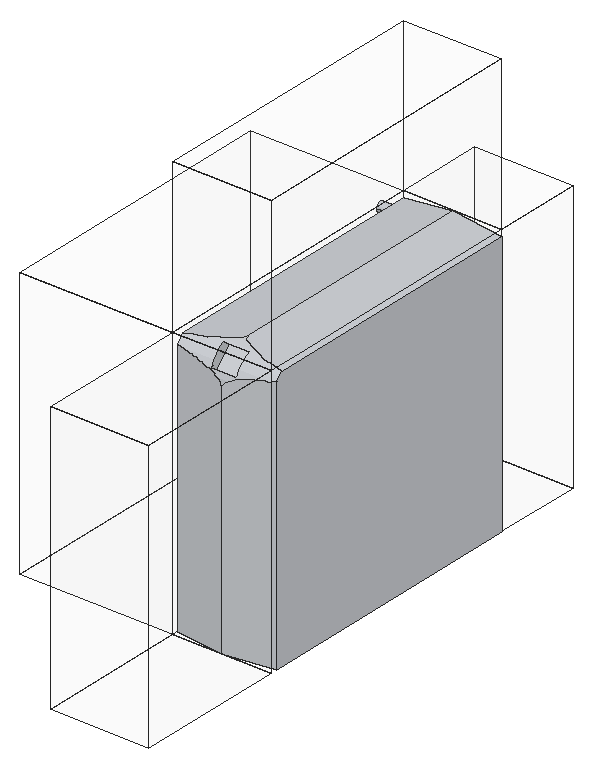
Revit family
Parameters (values of type "KBN801")
  WATER CONN SIZE = water conn radius * 2  # 2"
  SES BIM Studio # = "201264901-5"
  K_ air inlet offset = 27 3/4"
  G_ water outlet offset = 17"
  water conn radius = 1"
  water inlet offset = 3 1/2"
  D_flue length = 3 3/4"
  B_WIDTH = 15 1/2"
  Voltage/Heater = "120"
  Voltage/Control = "24"
  AIR INLET SIZE = air inlet radius * 2  # 4"
  URL = "http://www.lochinvar.com/products/Default.aspx?type=ProductLine&lineid=10"
  Total Amps = "2.7"
  Model = "KBN501"
  Manufacturer = "Lochinvar"
  MODEL NO. = "KBN801"
  gas conn radius = 1/2"
  J_gas conn offset = 3 1/4"
  I_gas conn height = 32 3/4"
  GAS CONN SIZE = gas conn radius * 2  # 1"
  GALLON CAPACITY = "5.7"
  flue radius = 3"
  VENT SIZE = flue radius * 2  # 6"
  F_ heat exchanger drain offset = 23"
  C_ DEPTH = 45 1/4"
  INPUT RATE (BTUH) = "800,000"
  A_HEIGHT = 42 1/2"
  FUEL TYPE = "NATURAL GAS"
  Description = "Knight XL Boiler"
  Fuel Type = "Natural or LP"
  E_condensate drain offset = 33 1/4"
  air inlet radius = 2"
  H_air inlet height = 36"
  # of Electrical Connections = "1"
Types (6): name | WATER CONN SIZE | K_ air inlet offset | G_ water outlet offset | water conn radius | Total Amps | Model | MODEL NO. | J_gas conn offset | I_gas conn height | GALLON CAPACITY | flue radius | VENT SIZE | F_ heat exchanger drain offset | C_ DEPTH | INPUT RATE (BTUH) | E_condensate drain offset | H_air inlet height
  (no name) | 2" | 27 3/4" | 17" | 1" | "2.7" | "KBN501" | "KBN801" | 3 1/4" | 32 3/4" | "5.7" | 3" | 6" | 23" | 45 1/4" | "800,000" | 33 1/4" | 36"
  KBN400 | 1 1/2" | 18 3/4" | 14" | 3/4" | "1.5" | "KBN400" | "KBN400" | 2" | 34" | "3.4" | 2" | 4" | 21" | 27 3/4" | "399,000" | 20 3/4" | 34"
  KBN501 | 1 1/2" | 18" | 14" | 3/4" | "1.7" | "KBN501" | "KBN501" | 2" | 36" | "4.2" | 2" | 4" | 21" | 31 1/2" | "500,000" | 25 1/2" | 32 1/2"
  KBN601 | 2" | 19 1/2" | 14" | 1" | "2.7" | "KBN501" | "KBN601" | 5 1/2" | 32 3/4" | "4.2" | 2" | 4" | 21" | 36 1/4" | "600,000" | 25" | 36"
  KBN701 | 2" | 23 1/2" | 17" | 1" | "2.7" | "KBN501" | "KBN701" | 3 1/4" | 32 3/4" | "5.0" | 3" | 6" | 23" | 40 1/4" | "700,000" | 29" | 36"
  KBN801 | 2" | 27 3/4" | 17" | 1" | "2.7" | "KBN501" | "KBN801" | 3 1/4" | 32 3/4" | "5.7" | 3" | 6" | 23" | 45 1/4" | "800,000" | 33 1/4" | 36"
Reference planes (in)
  plane 1 "Center (Front/Back)": y = 6.125
  plane 2: z = 0
  plane 3 "Center (Left/Right)": x = -1.39218
  plane 4 "Back": y = 28.75
  plane 5 "Front": y = -16.5
  plane 6 "Top": z = 42.5
  plane 7 "Right": x = 6.35782
  plane 8 "Left": x = -9.14218
  plane 9 "Front Clearance": y = -40.5
  plane 10 "Back Clearance": y = 42.75
  plane 11 "Left Clearance": x = -33.14218
  plane 12 "Top Clearance": z = 66.5
Forms (in)
  Extrusion 1, solid
    sketch origin (-38.1296, -180, 3) x (-1, 0, 0) y (0, -1, 0)
      loop
        line (-28.98742, -208.75) -> (-28.98742, -163.5) -> (-44.48742, -163.5) -> (-44.48742, -208.75) -> (-28.98742, -208.75)
    from 39.5 to -3
  Extrusion 2, solid, material "Clearance"
    sketch origin (-15.62351, 24, -0.75) x (1, 0, 0) y (0, 1, 0)
      loop
        line (6.48133, 18.75) -> (6.48133, 4.75) -> (21.98133, 4.75) -> (21.98133, 18.75) -> (6.48133, 18.75)
    from 0.75 to 43.25
  Extrusion 3, solid, material "Clearance"
    sketch origin (0, 0, 42.5) x (-1, 0, 0) y (0, -1, 0)
      loop
        line (9.14218, 16.5) -> (9.14218, 40.5) -> (-6.35782, 40.5) -> (-6.35782, 16.5) -> (9.14218, 16.5)
    from -42.5 to 0
  Extrusion 4, solid
    sketch origin (0, 28.75, 11.25) x (1, 0, 0) y (0, 0, 1)
      loop
        circle (-1.39218, 0) r 3
    from 0 to -3.75
  Extrusion 5, solid
    sketch origin (-7, 28.75, 14) x (1, 0, 0) y (0, 0, 1)
      loop
        circle (1.10782, 18.75) r 0.5
    from 0 to -2
  Extrusion 6, solid
    sketch origin (-9.14218, 0, 0) x (0, 1, 0) y (0, 0, 1)
      loop
        circle (25.25, 15.5) r 1
    from 0 to -1
  Extrusion 7, solid
    sketch origin (-9.14218, 0, 0) x (0, 1, 0) y (0, 0, 1)
      loop
        circle (11.75, 15.5) r 1
    from 0 to -1
  Extrusion 8, solid
    sketch origin (-9.14218, 0, 0) x (0, 1, 0) y (0, 0, 1)
      loop
        circle (-4.5, 6.5) r 0.5
    from 0 to -1
  Extrusion 9, solid
    sketch origin (-9.14218, 0.5, 6.5) x (0, 1, 0) y (0, 0, 1)
      loop
        circle (5.25, 24.75) r 0.5
    from 0 to -1
  Extrusion 10, solid, material "Clearance"
    sketch origin (-24, 14, 42.5) x (-1, 0, 0) y (0, -1, 0)
      loop
        line (9.14218, -14.75) -> (9.14218, 30.5) -> (-14.85782, 30.5) -> (-14.85782, -14.75) -> (9.14218, -14.75)
    from -42.5 to 0
  Extrusion 11, solid
    sketch origin (-9.14218, 0, 0) x (0, 1, 0) y (0, 0, 1)
      loop
        circle (1, 36) r 2
    from 0 to -1
  Extrusion 12, solid, material "Clearance"
    sketch origin (-38.1296, -180, 27) x (-1, 0, 0) y (0, -1, 0)
      loop
        line (-28.98742, -208.75) -> (-28.98742, -163.5) -> (-44.48742, -163.5) -> (-44.48742, -208.75) -> (-28.98742, -208.75)
    from 39.5 to 15.5
  Extrusion 13, solid
    sketch origin (-0.75, 28.75, 3.28161) x (1, 0, 0) y (0, 0, 1)
      loop
        circle (-0.64218, 35.96839) r 0.75
    from 0 to -1
  Extrusion 14, solid
    sketch origin (-9.14218, -2, -2) x (0, 1, 0) y (0, 0, 1)
      loop
        circle (28.75, 42.5) r 0.75
    from 0 to -2
  Extrusion 15, void
    sketch origin (0, 0, 42.5) x (-1, 0, 0) y (0, -1, 0)
      loop
        line (-6.35782, 16.5) -> (-6.35782, 15.5) -> (1.39218, 16.5) -> (-6.35782, 16.5)
    from -42.5 to 0
  Extrusion 16, void
    sketch origin (0, 0, 42.5) x (-1, 0, 0) y (0, -1, 0)
      loop
        line (9.14218, 16.5) -> (1.39218, 16.5) -> (9.14218, 15.5) -> (9.14218, 16.5)
    from -42.5 to 0
  Extrusion 17, void
    sketch origin (-1.39218, 0, 0) x (0, 1, 0) y (0, 0, 1)
      loop
        line (-16.5, 42.5) -> (-16.5, 37.5)
        arc (-16.5, 37.5) -> (-15.03553, 41.03553) -> (-11.5, 42.5) r 5
        line (-11.5, 42.5) -> (-16.5, 42.5)
    from -7.75 to 7.75
  Extrusion 18, void
    sketch origin (0, 6.125, 0) x (1, 0, 0) y (0, 0, 1)
      loop
        line (-1.39218, 42.5) -> (6.35782, 41.5) -> (6.35782, 42.5) -> (-1.39218, 42.5)
    from -22.625 to 22.625
  Extrusion 19, void
    sketch origin (0, 6.125, 0) x (1, 0, 0) y (0, 0, 1)
      loop
        line (-9.14218, 42.5) -> (-9.14218, 41.5) -> (-1.39218, 42.5) -> (-9.14218, 42.5)
    from -22.625 to 22.625
  Extrusion 20, void
    sketch origin (-1.39218, 0, 0) x (0, 1, 0) y (0, 0, 1)
      loop
        line (-16.125, 42) -> (-16.125, 37.875) -> (-12, 42) -> (-16.125, 42)
    from -1.98598 to 2
Cuts and joins
  Extrusion 15, Extrusion 16, Extrusion 17, Extrusion 18, Extrusion 19, Extrusion 20 cuts Extrusion 1
  Extrusion 15, Extrusion 16, Extrusion 17 cuts Extrusion 3
  Extrusion 15, Extrusion 16, Extrusion 17, Extrusion 18, Extrusion 19 cuts Extrusion 12
  Extrusion 16, Extrusion 19 cuts Extrusion 10
Dimensions and locks (in)
  "A_HEIGHT": plane 6 "Top" to level
  equal spacing: plane 8 "Left", plane 3 "Center (Left/Right)", plane 7 "Right"
  "B_WIDTH": plane 8 "Left" to plane 7 "Right"
  equal spacing: plane 5 "Front", plane 1 "Center (Front/Back)", plane 4 "Back"
  "C_ DEPTH": plane 5 "Front" to plane 4 "Back"
  locked: plane 9 "Front Clearance" to plane 5 "Front" at 24
  locked: Extrusion 2 to Extrusion 4 at 11.25
  "J_gas conn offset": Extrusion 5 sketch curve to plane 8 "Left"
  "I_gas conn height": level to Extrusion 5 sketch curve
  locked: Extrusion 1 to Extrusion 6 at 15.5
  "G_ water outlet offset": plane 4 "Back" to Extrusion 7 sketch curve
  locked: Extrusion 1 to Extrusion 8 at 6.5
  "E_condensate drain offset": plane 4 "Back" to Extrusion 8 sketch curve
  "F_ heat exchanger drain offset": Extrusion 2 to Extrusion 9 sketch curve
  "water inlet offset": plane 4 "Back" to Extrusion 6 sketch curve
  "H_air inlet height": Extrusion 3 to Extrusion 11 sketch curve
  plane 12 "Top Clearance" to plane 6 "Top" = 24"
  "K_ air inlet offset": Extrusion 10 to Extrusion 11 sketch curve
  Extrusion 12 to Extrusion 5 sketch curve = 3 3/4"
  locked: plane 11 "Left Clearance" to plane 8 "Left" at 24
  locked: plane 4 "Back" to plane 10 "Back Clearance" at 14
  level to Extrusion 13 sketch curve = 39 1/4"
  "flue radius": radius of Extrusion 4 sketch curve
  "gas conn radius": radius of Extrusion 5 sketch curve
  "water conn radius": radius of Extrusion 6 sketch curve
  "water conn radius": radius of Extrusion 7 sketch curve
  radius of Extrusion 8 sketch curve = 1/2"
  "gas conn radius": radius of Extrusion 9 sketch curve
  "air inlet radius": radius of Extrusion 11 sketch curve
  aligned and locked: plane 5 "Front" to Extrusion 1
  aligned and locked: Extrusion 1 to level
  aligned and locked: Extrusion 3 sketch curve to Extrusion 1  (x2)
  aligned and locked: plane 7 "Right" to Extrusion 3 sketch curve
  aligned and locked: Extrusion 3 to Extrusion 1
  aligned and locked: Extrusion 2 to Extrusion 1  (x4)
  aligned and locked: plane 4 "Back" to Extrusion 2
  aligned and locked: Extrusion 2 to plane 8 "Left"
  aligned and locked: Extrusion 2 to plane 7 "Right"
  aligned and locked: Extrusion 1 to plane 7 "Right"
  aligned and locked: Extrusion 3 to plane 5 "Front"
  aligned and locked: Extrusion 1 to plane 4 "Back"
  aligned and locked: plane 6 "Top" to Extrusion 1
  aligned and locked: plane 6 "Top" to Extrusion 2
  aligned and locked: Extrusion 2 to plane 10 "Back Clearance"
  aligned and locked: plane 5 "Front" to Extrusion 10
  aligned and locked: plane 8 "Left" to Extrusion 10
  aligned and locked: Extrusion 10 to plane 11 "Left Clearance"
  aligned and locked: Extrusion 10 to plane 4 "Back"
  aligned and locked: plane 12 "Top Clearance" to Extrusion 12
  aligned and locked: Extrusion 12 to plane 6 "Top"
  aligned and locked: Extrusion 12 to plane 7 "Right"
  aligned and locked: Extrusion 12 to plane 8 "Left"
  aligned and locked: Extrusion 10 to level
  aligned and locked: Extrusion 15 to level
  aligned and locked: plane 6 "Top" to Extrusion 15
  aligned and locked: Extrusion 15 to plane 7 "Right"
  aligned and locked: Extrusion 16 to level
  aligned and locked: Extrusion 16 to plane 8 "Left"
  aligned and locked: plane 6 "Top" to Extrusion 16
  aligned and locked: plane 6 "Top" to Extrusion 17
  aligned and locked: plane 5 "Front" to Extrusion 17
  aligned and locked: Extrusion 17 to plane 7 "Right"
  aligned and locked: Extrusion 17 to plane 8 "Left"
  aligned and locked: plane 6 "Top" to Extrusion 18
  aligned and locked: Extrusion 18 to plane 7 "Right"
  aligned and locked: plane 6 "Top" to Extrusion 19
  aligned and locked: Extrusion 19 to plane 8 "Left"
  aligned and locked: plane 5 "Front" to Extrusion 18
  aligned and locked: Extrusion 18 to plane 4 "Back"
  aligned and locked: plane 5 "Front" to Extrusion 19
  aligned and locked: Extrusion 19 to plane 4 "Back"
Automatic sketch dimensions
  plane 4 "Back" to Extrusion 1 sketch curve = 0"
  Extrusion 1 sketch curve to plane 7 "Right" = 0"
  plane 5 "Front" to Extrusion 1 sketch curve = 0"
  Extrusion 1 sketch curve to plane 8 "Left" = 0"
  plane 4 "Back" to Extrusion 2 sketch curve = 0"
  Extrusion 2 sketch curve to plane 8 "Left" = 0"
  Extrusion 2 sketch curve to plane 7 "Right" = 0"
  plane 10 "Back Clearance" to Extrusion 2 sketch curve = 0"
  plane 9 "Front Clearance" to Extrusion 3 sketch curve = 0"
  Extrusion 4 sketch curve to plane 3 "Center (Left/Right)" = 0"
  level to Extrusion 4 sketch curve = 11 1/4"
  level to Extrusion 6 sketch curve = 15 1/2"
  level to Extrusion 7 sketch curve = 15 1/2"
  level to Extrusion 8 sketch curve = 6 1/2"
  Extrusion 9 sketch curve to plane 6 "Top" = 11 1/4"
  plane 4 "Back" to Extrusion 10 sketch curve = 0"
  Extrusion 10 sketch curve to plane 8 "Left" = 0"
  plane 5 "Front" to Extrusion 10 sketch curve = 0"
  Extrusion 10 sketch curve to plane 11 "Left Clearance" = 0"
  plane 4 "Back" to Extrusion 12 sketch curve = 0"
  Extrusion 12 sketch curve to plane 7 "Right" = 0"
  plane 5 "Front" to Extrusion 12 sketch curve = 0"
  Extrusion 12 sketch curve to plane 8 "Left" = 0"
  plane 3 "Center (Left/Right)" to Extrusion 13 sketch curve = 0"
  plane 4 "Back" to Extrusion 14 sketch curve = 2"
  Extrusion 14 sketch curve to plane 6 "Top" = 2"
  Extrusion 15 sketch curve to plane 7 "Right" = 0"
  Extrusion 15 sketch curve to plane 3 "Center (Left/Right)" = 0"
  plane 5 "Front" to Extrusion 15 sketch curve = 0"
  Extrusion 15 sketch curve to Extrusion 15 sketch curve = 1"
  Extrusion 16 sketch curve to plane 3 "Center (Left/Right)" = 0"
  Extrusion 16 sketch curve to plane 8 "Left" = 0"
  plane 5 "Front" to Extrusion 16 sketch curve = 0"
  Extrusion 16 sketch curve to Extrusion 16 sketch curve = 1"
  Extrusion 17 sketch curve to plane 5 "Front" = 0"
  Extrusion 17 sketch curve to plane 6 "Top" = 0"
  Extrusion 17 sketch curve to Extrusion 17 sketch curve = 5"
  Extrusion 18 sketch curve to plane 3 "Center (Left/Right)" = 0"
  plane 7 "Right" to Extrusion 18 sketch curve = 0"
  Extrusion 18 sketch curve to plane 6 "Top" = 0"
  Extrusion 18 sketch curve to Extrusion 18 sketch curve = 1"
  Extrusion 19 sketch curve to plane 8 "Left" = 0"
  Extrusion 19 sketch curve to plane 3 "Center (Left/Right)" = 0"
  Extrusion 19 sketch curve to plane 6 "Top" = 0"
  Extrusion 19 sketch curve to Extrusion 19 sketch curve = 1"
  Extrusion 20 sketch curve to plane 5 "Front" = 3/8"
  Extrusion 20 sketch curve to plane 6 "Top" = 1/2"
  Extrusion 20 sketch curve to Extrusion 20 sketch curve = 4 1/8"  (x2)
  radius of Extrusion 13 sketch curve = 3/4"
  radius of Extrusion 14 sketch curve = 3/4"
Connectors (in)
  hvac at (-1.39218, 32.5, 11.25), driven by "flue radius"
    settings: on Extrusion 4, index 1, duct flow 0 CFM, flow factor 0, pres drop 0.00 in-wg, loss coef 0, conn angle 0.00°, conn width 12", conn height 12", conn radius 3", duct sys type 3, conn prof type 0, flow config 0, flow direction 2, loss method 0, conn ref index -1, conn util no, is conn primary yes, conn desc "Flue"
  piping at (-10.14218, 25.25, 15.5), driven by "water conn radius"
    settings: on Extrusion 6, index 3, connector radius 1", flow factor 0, pipe flow 0 GPM, pressure drop 0.00 psi, fitting loss kfactor 0, connector angle 0.00°, fixture units 0, flow configuration 1, flow direction 1, fitting loss method 0, system type 8, connector reference index -1, connector utility 0, adjustable connector no, is connector primary yes, fitting loss table "", connector description "Water Inlet"
  piping at (-10.14218, 11.75, 15.5), driven by "water conn radius"
    settings: on Extrusion 7, index 4, connector radius 1", flow factor 0, pipe flow 0 GPM, pressure drop 0.00 psi, fitting loss kfactor 0, connector angle 0.00°, fixture units 0, flow configuration 0, flow direction 2, fitting loss method 0, system type 7, connector reference index -1, connector utility 0, adjustable connector no, is connector primary no, fitting loss table "", connector description "Water Outlet"
  piping at (-10.14218, 5.75, 31.25), driven by "gas conn radius"
    settings: on Extrusion 9, index 5, connector radius 1/2", flow factor 0, pipe flow 0 GPM, pressure drop 0.00 psi, fitting loss kfactor 0, connector angle 0.00°, fixture units 0, flow configuration 3, flow direction 2, fitting loss method 0, system type 16, connector reference index -1, connector utility 0, adjustable connector no, is connector primary no, fitting loss table "", connector description "Drain"
  piping at (-10.14218, -4.5, 6.5)
    settings: on Extrusion 8, index 6, connector radius 1/2", flow factor 0, pipe flow 0 GPM, pressure drop 0.00 psi, fitting loss kfactor 0, connector angle 0.00°, fixture units 0, flow configuration 3, flow direction 2, fitting loss method 0, system type 16, connector reference index -1, connector utility 0, adjustable connector no, is connector primary no, fitting loss table "", connector description "Condensate Drain"
  hvac at (-10.14218, 1, 36), driven by "air inlet radius"
    settings: on Extrusion 11, index 7, duct flow 0 CFM, flow factor 0, pres drop 0.00 in-wg, loss coef 0, conn angle 0.00°, conn width 12", conn height 12", conn radius 2", duct sys type 1, conn prof type 0, flow config 0, flow direction 1, loss method 0, conn ref index -1, conn util no, is conn primary no, conn desc "Air Inlet"
  piping at (-5.89218, 30.75, 32.75), driven by "gas conn radius"
    settings: on Extrusion 5, index 8, connector radius 1/2", flow factor 0, pipe flow 0 GPM, pressure drop 0.00 psi, fitting loss kfactor 0, connector angle 0.00°, fixture units 0, flow configuration 1, flow direction 1, fitting loss method 0, system type 22, connector reference index -1, connector utility 0, adjustable connector no, is connector primary no, fitting loss table "", connector description "Gas"
  electrical at (-1.39218, 29.75, 39.25)
    settings: on Extrusion 13, index 9, voltage 0 V, apparent load 0 VA, apparent load phase1 0 VA, apparent load phase2 0 VA, apparent load phase3 0 VA, power factor 1, load classification "Other", number of poles 1, system type 13, power factor state 1, is connector primary yes, connector utility no, sub classification motor no, connector description "Low Voltage"
  electrical at (-11.14218, 26.75, 40.5)
    settings: on Extrusion 14, index 10, voltage 0 V, apparent load 0 VA, apparent load phase1 0 VA, apparent load phase2 0 VA, apparent load phase3 0 VA, power factor 1, load classification "Other", number of poles 1, system type 30, power factor state 1, is connector primary no, connector utility no, sub classification motor no, connector description "Line Voltage"
